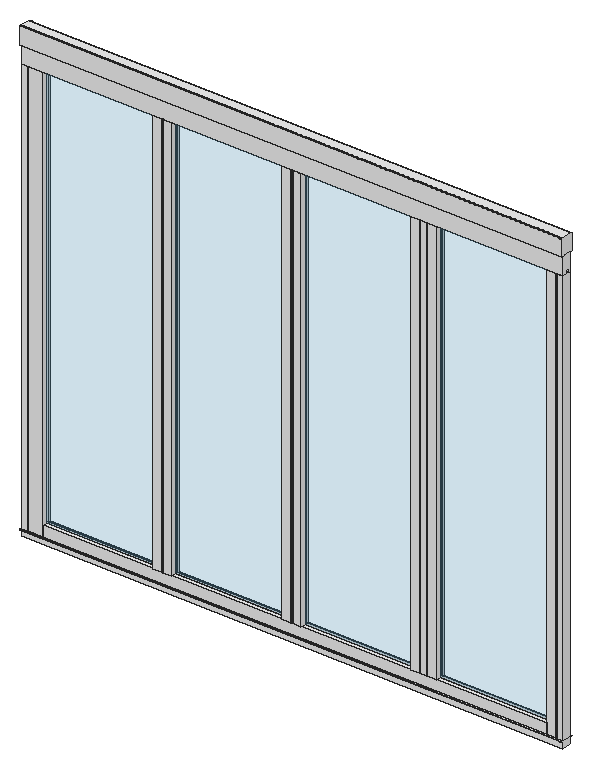
Revit family "98126", category Windows, host Wall, Revit 2018 (continued)
Definition of nested family "Header_HSW60"
  Definition of nested family "Headtop_HSW60"
    Lines and regions (in)
      model lines, in view "Ref. Level"
        curve 184: arc (0.60147, -2.87915, 0) -> (0.60724, -2.8931, 0) -> (0.62119, -2.89887, 0) r 0.01972
        curve 185: arc (0.63747, -3.45072, 0) -> (0.61183, -3.46336, 0) -> (0.60147, -3.49001, 0) r 0.03944
        curve 186: arc (0.60147, -3.56936, 0) -> (0.60724, -3.58331, 0) -> (0.62119, -3.58908, 0) r 0.01972
        curve 187: arc (0.46985, -4.13144, 0) -> (0.44421, -4.14408, 0) -> (0.43385, -4.17073, 0) r 0.03944
        curve 188: arc (1.26209, -4.35817, 0) -> (1.27604, -4.35239, 0) -> (1.28181, -4.33845, 0) r 0.01972
        curve 189: arc (0.84797, -4.27929, 0) -> (0.71979, -4.20041, 0) -> (0.59161, -4.27929, 0) r 0.14359
        curve 190: arc (0.43385, -4.47649, 0) -> (0.4454, -4.50438, 0) -> (0.47329, -4.51593, 0) r 0.03944
        curve 191: line (-1.24237, -0.60799, 0) -> (-1.24237, -0.56005, 0)
        curve 192: line (-1.24237, -0.56005, 0) -> (-1.26209, -0.56005, 0)
        curve 193: line (-1.41789, -0.41135, 0) -> (-1.41986, -0.43385, 0)
        curve 194: line (-1.41986, -0.43385, 0) -> (-1.51057, -0.43385, 0)
        curve 195: line (-1.51057, -0.43385, 0) -> (-1.51057, -0.26622, 0)
        curve 196: line (-1.51057, -0.26622, 0) -> (-1.28181, -0.26622, 0)
        curve 197: line (-1.28181, -0.26622, 0) -> (-1.28181, -0.36285, 0)
        curve 198: line (-1.14984, -0.40676, 0) -> (-1.2359, -0.32341, 0)
        curve 199: line (-1.2359, -0.32341, 0) -> (-1.24237, -0.32341, 0)
        curve 200: line (-1.24237, -0.32341, 0) -> (-1.24237, -0.38257, 0)
        curve 201: line (-1.24237, -0.38257, 0) -> (-1.26209, -0.38257, 0)
        curve 202: line (-1.28181, -0.57977, 0) -> (-1.28181, -0.66063, 0)
        curve 203: line (-1.28181, -0.66063, 0) -> (-1.51057, -0.66063, 0)
        curve 204: line (-1.51057, -0.66063, 0) -> (-1.51057, -0.49301, 0)
        curve 205: line (-1.51057, -0.49301, 0) -> (-1.41986, -0.49301, 0)
        curve 206: line (-1.41986, -0.49301, 0) -> (-1.41789, -0.5155, 0)
        curve 207: line (-1.40443, -0.52037, 0) -> (-1.35624, -0.47176, 0)
        curve 208: line (-1.35624, -0.4551, 0) -> (-1.40443, -0.40649, 0)
        curve 209: line (-1.23846, -0.60592, 0) -> (-1.14984, -0.52009, 0)
        curve 210: line (1.24237, -0.60799, 0) -> (1.24237, -0.56005, 0)
        curve 211: line (1.24237, -0.56005, 0) -> (1.26209, -0.56005, 0)
        curve 212: line (1.41789, -0.41135, 0) -> (1.41986, -0.43385, 0)
        curve 213: line (1.41986, -0.43385, 0) -> (1.51057, -0.43385, 0)
        curve 214: line (1.51057, -0.43385, 0) -> (1.51057, -0.26622, 0)
        curve 215: line (1.51057, -0.26622, 0) -> (1.28181, -0.26622, 0)
        curve 216: line (1.28181, -0.26622, 0) -> (1.28181, -0.36285, 0)
        curve 217: line (1.14984, -0.40676, 0) -> (1.2359, -0.32341, 0)
        curve 218: line (1.2359, -0.32341, 0) -> (1.24237, -0.32341, 0)
        curve 219: line (1.24237, -0.32341, 0) -> (1.24237, -0.38257, 0)
        curve 220: line (1.24237, -0.38257, 0) -> (1.26209, -0.38257, 0)
        curve 221: line (1.28181, -0.57977, 0) -> (1.28181, -0.66063, 0)
        curve 222: line (1.28181, -0.66063, 0) -> (1.51057, -0.66063, 0)
        curve 223: line (1.51057, -0.66063, 0) -> (1.51057, -0.49301, 0)
        curve 224: line (1.51057, -0.49301, 0) -> (1.41986, -0.49301, 0)
        curve 225: line (1.41986, -0.49301, 0) -> (1.41789, -0.5155, 0)
        curve 226: line (1.40443, -0.52037, 0) -> (1.35624, -0.47176, 0)
        curve 227: line (1.35624, -0.4551, 0) -> (1.40443, -0.40649, 0)
        curve 228: line (1.23846, -0.60592, 0) -> (1.14984, -0.52009, 0)
        curve 229: line (1.40445, -4.15004, 0) -> (1.35625, -4.19854, 0)
        curve 230: line (1.35625, -4.21522, 0) -> (1.40445, -4.26371, 0)
        curve 231: line (1.4179, -4.25884, 0) -> (1.41986, -4.23646, 0)
        curve 232: line (1.41986, -4.23646, 0) -> (1.51057, -4.23646, 0)
        curve 233: line (1.51057, -4.23646, 0) -> (1.51057, -4.51254, 0)
        curve 234: line (1.53029, -4.53226, 0) -> (1.5579, -4.53226, 0)
        curve 235: line (1.57762, -4.51254, 0) -> (1.57762, -0.15437, 0)
        curve 236: line (1.5579, -0.13465, 0) -> (1.53029, -0.13465, 0)
        curve 237: line (1.51057, -0.15437, 0) -> (1.51057, -0.43045, 0)
        curve 238: line (1.51057, -0.43045, 0) -> (1.41986, -0.43045, 0)
        curve 239: line (1.41986, -0.43045, 0) -> (1.4179, -0.40807, 0)
        curve 240: line (1.40445, -0.4032, 0) -> (1.35625, -0.45169, 0)
        curve 241: line (1.35625, -0.46838, 0) -> (1.40445, -0.51687, 0)
        curve 242: line (1.4179, -0.51199, 0) -> (1.41986, -0.48961, 0)
        curve 243: line (1.41986, -0.48961, 0) -> (1.51057, -0.48961, 0)
        curve 244: line (1.51057, -0.48961, 0) -> (1.51057, -2.10239, 0)
        curve 245: line (1.51057, -2.10239, 0) -> (1.43447, -2.12278, 0)
        curve 246: line (1.41986, -2.14183, 0) -> (1.41986, -2.17767, 0)
        curve 247: line (1.42979, -2.18529, 0) -> (1.50064, -2.1663, 0)
        curve 248: line (1.51057, -2.17392, 0) -> (1.51057, -2.49299, 0)
        curve 249: line (1.50064, -2.50061, 0) -> (1.42979, -2.48163, 0)
        curve 250: line (1.41986, -2.48925, 0) -> (1.41986, -2.52508, 0)
        curve 251: line (1.43447, -2.54413, 0) -> (1.51057, -2.56452, 0)
        curve 252: line (1.51057, -2.56452, 0) -> (1.51057, -4.1773, 0)
        curve 253: line (1.51057, -4.1773, 0) -> (1.41986, -4.1773, 0)
        curve 254: line (1.41986, -4.1773, 0) -> (1.4179, -4.15492, 0)
        curve 255: line (-1.40445, -4.15004, 0) -> (-1.35625, -4.19854, 0)
        curve 256: line (-1.35625, -4.21522, 0) -> (-1.40445, -4.26371, 0)
        curve 257: line (-1.4179, -4.25884, 0) -> (-1.41986, -4.23646, 0)
        curve 258: line (-1.41986, -4.23646, 0) -> (-1.51057, -4.23646, 0)
        curve 259: line (-1.51057, -4.23646, 0) -> (-1.51057, -4.51254, 0)
        curve 260: line (-1.53029, -4.53226, 0) -> (-1.5579, -4.53226, 0)
        curve 261: line (-1.57762, -4.51254, 0) -> (-1.57762, -0.15437, 0)
        curve 262: line (-1.5579, -0.13465, 0) -> (-1.53029, -0.13465, 0)
        curve 263: line (-1.51057, -0.15437, 0) -> (-1.51057, -0.43045, 0)
        curve 264: line (-1.51057, -0.43045, 0) -> (-1.41986, -0.43045, 0)
        curve 265: line (-1.41986, -0.43045, 0) -> (-1.4179, -0.40807, 0)
        curve 266: line (-1.40445, -0.4032, 0) -> (-1.35625, -0.45169, 0)
        curve 267: line (-1.35625, -0.46838, 0) -> (-1.40445, -0.51687, 0)
        curve 268: line (-1.4179, -0.51199, 0) -> (-1.41986, -0.48961, 0)
        curve 269: line (-1.41986, -0.48961, 0) -> (-1.51057, -0.48961, 0)
        curve 270: line (-1.51057, -0.48961, 0) -> (-1.51057, -2.10239, 0)
        curve 271: line (-1.51057, -2.10239, 0) -> (-1.43447, -2.12278, 0)
        curve 272: line (-1.41986, -2.14183, 0) -> (-1.41986, -2.17767, 0)
        curve 273: line (-1.42979, -2.18529, 0) -> (-1.50064, -2.1663, 0)
        curve 274: line (-1.51057, -2.17392, 0) -> (-1.51057, -2.49299, 0)
        curve 275: line (-1.50064, -2.50061, 0) -> (-1.42979, -2.48163, 0)
        curve 276: line (-1.41986, -2.48925, 0) -> (-1.41986, -2.52508, 0)
        curve 277: line (-1.43447, -2.54413, 0) -> (-1.51057, -2.56452, 0)
        curve 278: line (-1.51057, -2.56452, 0) -> (-1.51057, -4.1773, 0)
        curve 279: line (-1.51057, -4.1773, 0) -> (-1.41986, -4.1773, 0)
        curve 280: line (-1.41986, -4.1773, 0) -> (-1.4179, -4.15492, 0)
        curve 281: line (-0.62513, -4.37, 0) -> (-0.62513, -4.3069, 0)
        curve 282: line (-0.62513, -4.3069, 0) -> (-0.61193, -4.30457, 0)
        curve 283: line (-1.28181, -4.35817, 0) -> (-1.28181, -4.25957, 0)
        curve 284: line (-1.28181, -4.25957, 0) -> (-1.19307, -4.25957, 0)
        curve 285: line (-1.19307, -4.16097, 0) -> (-1.28181, -4.16097, 0)
        curve 286: line (-1.28181, -4.16097, 0) -> (-1.29938, -4.02048, 0)
        curve 287: line (-0.82765, -4.30457, 0) -> (-0.81445, -4.3069, 0)
        curve 288: line (-0.81445, -4.3069, 0) -> (-0.81445, -4.37, 0)
        curve 289: line (-1.31894, -4.00321, 0) -> (-1.5086, -4.00321, 0)
        curve 290: line (-1.5086, -4.00321, 0) -> (-1.5086, -4.05251, 0)
        curve 291: line (-1.5086, -4.05251, 0) -> (-1.48956, -4.16045, 0)
        curve 292: line (-1.47014, -4.17674, 0) -> (-1.42577, -4.17674, 0)
        curve 293: line (-1.42183, -4.15505, 0) -> (-1.42183, -4.1728, 0)
        curve 294: line (-1.34705, -4.19437, 0) -> (-1.40927, -4.14869, 0)
        curve 295: line (-1.40927, -4.27184, 0) -> (-1.34705, -4.22617, 0)
        curve 296: line (-1.42183, -4.24774, 0) -> (-1.42183, -4.26549, 0)
        curve 297: line (-1.47014, -4.24379, 0) -> (-1.42577, -4.24379, 0)
        curve 298: line (-1.5086, -4.51593, 0) -> (-1.5086, -4.36803, 0)
        curve 299: line (-1.5086, -4.36803, 0) -> (-1.48956, -4.26009, 0)
        curve 300: line (-1.48888, -4.53565, 0) -> (-1.18321, -4.53565, 0)
        curve 301: line (-1.00573, -4.49621, 0) -> (-0.94657, -4.49621, 0)
        curve 302: line (-0.94657, -4.49621, 0) -> (-0.94657, -4.44494, 0)
        curve 303: line (-0.94657, -4.44494, 0) -> (-1.24237, -4.44494, 0)
        curve 304: line (-1.24237, -4.44494, 0) -> (-1.24237, -4.49621, 0)
        curve 305: line (-1.24237, -4.49621, 0) -> (-1.18321, -4.49621, 0)
        curve 306: line (-1.00573, -4.53565, 0) -> (-0.80793, -4.53565, 0)
        curve 307: line (-0.63105, -4.49621, 0) -> (-0.57189, -4.49621, 0)
        curve 308: line (-0.57189, -4.49621, 0) -> (-0.57189, -4.44494, 0)
        curve 309: line (-0.57189, -4.44494, 0) -> (-0.86769, -4.44494, 0)
        curve 310: line (-0.86769, -4.44494, 0) -> (-0.86769, -4.49621, 0)
        curve 311: line (-0.86769, -4.49621, 0) -> (-0.80853, -4.49621, 0)
        curve 312: line (-0.63105, -4.53565, 0) -> (-0.53047, -4.53565, 0)
        curve 313: line (-0.51075, -4.51593, 0) -> (-0.51075, -4.37789, 0)
        curve 314: line (-0.53047, -4.35817, 0) -> (-0.54625, -4.35817, 0)
        curve 315: line (-0.54625, -4.35817, 0) -> (-0.6151, -4.37759, 0)
        curve 316: line (-0.60892, -4.29024, 0) -> (-0.70883, -4.22345, 0)
        curve 317: line (-0.73075, -4.22345, 0) -> (-0.83066, -4.29024, 0)
        curve 318: line (-0.94488, -4.38606, 0) -> (-0.91699, -4.35817, 0)
        curve 319: line (-0.91699, -4.35817, 0) -> (-0.89333, -4.35817, 0)
        curve 320: line (-0.89333, -4.35817, 0) -> (-0.82448, -4.37759, 0)
        curve 321: line (-0.97277, -4.39761, 0) -> (-1.24237, -4.39761, 0)
        curve 322: line (-1.42972, -4.47649, 0) -> (-1.3607, -4.47649, 0)
        curve 323: line (-1.44944, -4.41733, 0) -> (-1.44944, -4.45677, 0)
        curve 324: line (-1.3607, -4.39761, 0) -> (-1.42972, -4.39761, 0)
        curve 325: line (-1.34098, -4.45677, 0) -> (-1.34098, -4.41733, 0)
        curve 326: line (-0.77501, -4.35817, 0) -> (-0.66457, -4.35817, 0)
        curve 327: line (-0.72417, -4.25701, 0) -> (-0.78289, -4.29627, 0)
        curve 328: line (-0.78289, -4.29627, 0) -> (-0.78289, -4.35028, 0)
        curve 329: line (-0.65668, -4.35028, 0) -> (-0.65668, -4.29627, 0)
        curve 330: line (-0.65668, -4.29627, 0) -> (-0.7154, -4.25701, 0)
        curve 331: line (0.62513, -4.37, 0) -> (0.62513, -4.3069, 0)
        curve 332: line (0.62513, -4.3069, 0) -> (0.61193, -4.30457, 0)
        curve 333: line (1.28181, -4.35817, 0) -> (1.28181, -4.25957, 0)
        curve 334: line (1.28181, -4.25957, 0) -> (1.19307, -4.25957, 0)
        curve 335: line (1.19307, -4.16097, 0) -> (1.28181, -4.16097, 0)
        curve 336: line (1.28181, -4.16097, 0) -> (1.29938, -4.02048, 0)
        curve 337: line (0.82765, -4.30457, 0) -> (0.81445, -4.3069, 0)
        curve 338: line (0.81445, -4.3069, 0) -> (0.81445, -4.37, 0)
        curve 339: line (1.31894, -4.00321, 0) -> (1.5086, -4.00321, 0)
        curve 340: line (1.5086, -4.00321, 0) -> (1.5086, -4.05251, 0)
        curve 341: line (1.5086, -4.05251, 0) -> (1.48956, -4.16045, 0)
        curve 342: line (1.47014, -4.17674, 0) -> (1.42577, -4.17674, 0)
        curve 343: line (1.42183, -4.15505, 0) -> (1.42183, -4.1728, 0)
        curve 344: line (1.34705, -4.19437, 0) -> (1.40927, -4.14869, 0)
        curve 345: line (1.40927, -4.27184, 0) -> (1.34705, -4.22617, 0)
        curve 346: line (1.42183, -4.24774, 0) -> (1.42183, -4.26549, 0)
        curve 347: line (1.47014, -4.24379, 0) -> (1.42577, -4.24379, 0)
        curve 348: line (1.5086, -4.51593, 0) -> (1.5086, -4.36803, 0)
        curve 349: line (1.5086, -4.36803, 0) -> (1.48956, -4.26009, 0)
        curve 350: line (1.48888, -4.53565, 0) -> (1.18321, -4.53565, 0)
        curve 351: line (1.00573, -4.49621, 0) -> (0.94657, -4.49621, 0)
        curve 352: line (0.94657, -4.49621, 0) -> (0.94657, -4.44494, 0)
        curve 353: line (0.94657, -4.44494, 0) -> (1.24237, -4.44494, 0)
        curve 354: line (1.24237, -4.44494, 0) -> (1.24237, -4.49621, 0)
        curve 355: line (1.24237, -4.49621, 0) -> (1.18321, -4.49621, 0)
        curve 356: line (1.00573, -4.53565, 0) -> (0.80789, -4.53565, 0)
        curve 357: line (0.63105, -4.49621, 0) -> (0.57189, -4.49621, 0)
        curve 358: line (0.57189, -4.49621, 0) -> (0.57189, -4.44494, 0)
        curve 359: line (0.57189, -4.44494, 0) -> (0.86769, -4.44494, 0)
        curve 360: line (0.86769, -4.44494, 0) -> (0.86769, -4.49621, 0)
        curve 361: line (0.86769, -4.49621, 0) -> (0.80853, -4.49621, 0)
        curve 362: line (0.6311, -4.53565, 0) -> (0.53047, -4.53565, 0)
        curve 363: line (0.51075, -4.51593, 0) -> (0.51075, -4.37789, 0)
        curve 364: line (0.53047, -4.35817, 0) -> (0.54625, -4.35817, 0)
        curve 365: line (0.54625, -4.35817, 0) -> (0.6151, -4.37759, 0)
        curve 366: line (0.60892, -4.29024, 0) -> (0.70883, -4.22345, 0)
        curve 367: line (0.73075, -4.22345, 0) -> (0.83066, -4.29024, 0)
        curve 368: line (0.94488, -4.38606, 0) -> (0.91699, -4.35817, 0)
        curve 369: line (0.91699, -4.35817, 0) -> (0.89333, -4.35817, 0)
        curve 370: line (0.89333, -4.35817, 0) -> (0.82448, -4.37759, 0)
        curve 371: line (0.97277, -4.39761, 0) -> (1.24237, -4.39761, 0)
        curve 372: line (1.42972, -4.47649, 0) -> (1.3607, -4.47649, 0)
        curve 373: line (1.44944, -4.41733, 0) -> (1.44944, -4.45677, 0)
        curve 374: line (1.3607, -4.39761, 0) -> (1.42972, -4.39761, 0)
        curve 375: line (1.34098, -4.45677, 0) -> (1.34098, -4.41733, 0)
        curve 376: line (0.77501, -4.35817, 0) -> (0.66457, -4.35817, 0)
        curve 377: line (0.72417, -4.25701, 0) -> (0.78289, -4.29627, 0)
        curve 378: line (0.78289, -4.29627, 0) -> (0.78289, -4.35028, 0)
        curve 379: line (0.65668, -4.35028, 0) -> (0.65668, -4.29627, 0)
        curve 380: line (0.65668, -4.29627, 0) -> (0.7154, -4.25701, 0)
        curve 381: line (-1.41986, -2.23486, 0) -> (-1.33309, -2.23486, 0)
        curve 382: line (-1.33309, -2.23486, 0) -> (-1.33309, -2.43206, 0)
        curve 383: line (-1.33309, -2.43206, 0) -> (-1.41986, -2.43206, 0)
        curve 384: line (-1.41986, -2.13625, 0) -> (-1.41986, -2.18879, 0)
        curve 385: line (-1.41986, -2.18879, 0) -> (-1.49085, -2.16976, 0)
        curve 386: line (-1.49085, -2.16976, 0) -> (-1.49085, -2.49715, 0)
        curve 387: line (-1.49085, -2.49715, 0) -> (-1.41986, -2.47813, 0)
        curve 388: line (-1.41986, -2.47813, 0) -> (-1.41986, -2.53066, 0)
        curve 389: line (-1.41986, -2.53066, 0) -> (-1.29365, -2.48472, 0)
        curve 390: line (-1.29365, -2.48472, 0) -> (-1.29365, -2.18219, 0)
        curve 391: line (-1.29365, -2.18219, 0) -> (-1.41986, -2.13625, 0)
        curve 392: line (-1.43958, -2.41234, 0) -> (-1.43958, -2.25458, 0)
        curve 393: line (1.41986, -2.23486, 0) -> (1.33309, -2.23486, 0)
        curve 394: line (1.33309, -2.23486, 0) -> (1.33309, -2.43206, 0)
        curve 395: line (1.33309, -2.43206, 0) -> (1.41986, -2.43206, 0)
        curve 396: line (1.41986, -2.13625, 0) -> (1.41986, -2.18879, 0)
        curve 397: line (1.41986, -2.18879, 0) -> (1.49085, -2.16976, 0)
        curve 398: line (1.49085, -2.16976, 0) -> (1.49085, -2.49715, 0)
        curve 399: line (1.49085, -2.49715, 0) -> (1.41986, -2.47813, 0)
        curve 400: line (1.41986, -2.47813, 0) -> (1.41986, -2.53066, 0)
        curve 401: line (1.41986, -2.53066, 0) -> (1.29365, -2.48472, 0)
        curve 402: line (1.29365, -2.48472, 0) -> (1.29365, -2.18219, 0)
        curve 403: line (1.29365, -2.18219, 0) -> (1.41986, -2.13625, 0)
        curve 404: line (1.43958, -2.41234, 0) -> (1.43958, -2.25458, 0)
        curve 405: line (-0.70243, -4.49621, 0) -> (-0.68728, -4.93006, 0)
        curve 406: line (-0.66773, -4.49621, 0) -> (-0.65257, -4.93006, 0)
        curve 407: line (-0.63302, -4.49621, 0) -> (-0.61787, -4.93006, 0)
        curve 408: line (-0.71979, -4.49621, 0) -> (-0.71979, -4.93006, 0)
        curve 409: line (-0.80656, -4.49621, 0) -> (-0.82171, -4.93006, 0)
        curve 410: line (-0.77185, -4.49621, 0) -> (-0.787, -4.93006, 0)
        curve 411: line (-0.73714, -4.49621, 0) -> (-0.75229, -4.93006, 0)
        curve 412: line (-0.86769, -4.44494, 0) -> (-0.86769, -4.49621, 0)
        curve 413: line (-0.86769, -4.49621, 0) -> (-0.57189, -4.49621, 0)
        curve 414: line (-0.57189, -4.49621, 0) -> (-0.57189, -4.44494, 0)
        curve 415: line (-0.57189, -4.44494, 0) -> (-0.86769, -4.44494, 0)
        curve 416: line (0.70167, -4.48949, 0) -> (0.69068, -4.92346, 0)
        curve 417: line (0.66696, -4.48982, 0) -> (0.65597, -4.92379, 0)
        curve 418: line (0.63226, -4.49015, 0) -> (0.62126, -4.92412, 0)
        curve 419: line (0.71902, -4.48932, 0) -> (0.72318, -4.92315, 0)
        curve 420: line (0.80579, -4.48849, 0) -> (0.82509, -4.92217, 0)
        curve 421: line (0.77108, -4.48882, 0) -> (0.79039, -4.9225, 0)
        curve 422: line (0.73637, -4.48915, 0) -> (0.75568, -4.92283, 0)
        curve 423: line (0.86643, -4.43663, 0) -> (0.86692, -4.4879, 0)
        curve 424: line (0.86692, -4.4879, 0) -> (0.57113, -4.49074, 0)
        curve 425: line (0.57113, -4.49074, 0) -> (0.57064, -4.43947, 0)
        curve 426: line (0.57064, -4.43947, 0) -> (0.86643, -4.43663, 0)
        curve 427: line (-0.19424, -2.08695, 0) -> (-0.19424, -1.49535, 0)
        curve 428: line (-0.19424, -1.49535, 0) -> (-0.19424, -2.08695, 0)
        curve 429: line (0.19424, -2.08695, 0) -> (0.19424, -1.49535, 0)
        curve 430: line (0.19424, -1.49535, 0) -> (0.19424, -2.08695, 0)
        curve 431: line (0.19326, -1.49535, 0) -> (0.12364, -1.49535, 0)
        curve 432: line (0.11832, -1.49535, 0) -> (-0.11832, -1.49535, 0)
        curve 433: line (-0.12357, -1.49535, 0) -> (-0.19326, -1.49535, 0)
        curve 434: line (-0.1972, -1.49535, 0) -> (-0.23664, -1.53479, 0)
        curve 435: line (-0.23664, -1.53479, 0) -> (-0.1972, -1.49535, 0)
        curve 436: line (0.23664, -2.08695, 0) -> (0.23664, -1.53479, 0)
        curve 437: line (0.23664, -1.53479, 0) -> (0.1972, -1.49535, 0)
        curve 438: line (0.1972, -1.49535, 0) -> (0.23664, -1.53479, 0)
        curve 439: line (0.23664, -1.53479, 0) -> (0.23664, -2.08695, 0)
        curve 440: line (-0.31552, -4.88723, 0) -> (-0.31552, -4.53226, 0)
        curve 441: line (-0.31552, -4.53226, 0) -> (-0.31552, -3.9801, 0)
        curve 442: line (-0.31552, -3.9801, 0) -> (-0.31552, -4.53226, 0)
        curve 443: line (-0.31552, -4.53226, 0) -> (-0.31552, -4.88723, 0)
        curve 444: line (0.31552, -4.88723, 0) -> (0.31552, -4.53226, 0)
        curve 445: line (0.31552, -4.53226, 0) -> (0.31552, -3.9801, 0)
        curve 446: line (0.31552, -3.9801, 0) -> (0.31552, -4.53226, 0)
        curve 447: line (0.31552, -4.53226, 0) -> (0.31552, -4.88723, 0)
        curve 448: line (-0.23664, -2.08695, 0) -> (-0.23664, -1.53479, 0)
        curve 449: line (-0.23664, -1.53479, 0) -> (-0.23664, -2.08695, 0)
        curve 450: line (-0.23664, -1.53479, 0) -> (0.23664, -1.53479, 0)
        curve 451: line (-0.19326, -1.49535, 0) -> (-0.19326, -1.33758, 0)
        curve 452: line (-0.19326, -1.33758, 0) -> (-0.19326, -1.49535, 0)
        curve 453: line (0.19326, -1.49535, 0) -> (0.19326, -1.33758, 0)
        curve 454: line (0.19326, -1.33758, 0) -> (0.19326, -1.49535, 0)
        curve 455: line (-0.37468, -1.32575, 0) -> (-0.37468, -1.11277, 0)
        curve 456: line (-0.37468, -1.11277, 0) -> (-0.37468, -1.32575, 0)
        curve 457: line (-0.37468, -1.32575, 0) -> (0.37468, -1.32575, 0)
        curve 458: line (0.37468, -1.32575, 0) -> (0.37468, -1.11277, 0)
        curve 459: line (0.37468, -1.11277, 0) -> (0.37468, -1.32575, 0)
        curve 460: line (-0.36285, -1.10094, 0) -> (-0.32854, -1.10094, 0)
        curve 461: line (-0.32854, -1.10094, 0) -> (-0.19326, -1.10094, 0)
        curve 462: line (-0.19326, -1.10094, 0) -> (-0.16959, -1.10094, 0)
        curve 463: line (-0.16959, -1.10094, 0) -> (0.16959, -1.10094, 0)
        curve 464: line (0.16959, -1.10094, 0) -> (0.19326, -1.10094, 0)
        curve 465: line (0.19326, -1.10094, 0) -> (0.32854, -1.10094, 0)
        curve 466: line (0.32854, -1.10094, 0) -> (0.36285, -1.10094, 0)
        curve 467: line (0.36285, -1.10094, 0) -> (0.32854, -1.10094, 0)
        curve 468: line (0.32854, -1.10094, 0) -> (0.19326, -1.10094, 0)
        curve 469: line (0.19326, -1.10094, 0) -> (0.16959, -1.10094, 0)
        curve 470: line (0.16959, -1.10094, 0) -> (-0.16959, -1.10094, 0)
        curve 471: line (-0.16959, -1.10094, 0) -> (-0.19326, -1.10094, 0)
        curve 472: line (-0.19326, -1.10094, 0) -> (-0.32854, -1.10094, 0)
        curve 473: line (-0.32854, -1.10094, 0) -> (-0.36285, -1.10094, 0)
        curve 474: line (0.36285, -1.33758, 0) -> (0.32854, -1.33758, 0)
        curve 475: line (0.32854, -1.33758, 0) -> (0.19326, -1.33758, 0)
        curve 476: line (0.19326, -1.33758, 0) -> (0.16959, -1.33758, 0)
        curve 477: line (0.16959, -1.33758, 0) -> (-0.16959, -1.33758, 0)
        curve 478: line (-0.16959, -1.33758, 0) -> (-0.19326, -1.33758, 0)
        curve 479: line (-0.19326, -1.33758, 0) -> (-0.32854, -1.33758, 0)
        curve 480: line (-0.32854, -1.33758, 0) -> (-0.36285, -1.33758, 0)
        curve 481: line (0.37468, -1.11277, 0) -> (-0.37468, -1.11277, 0)
        curve 482: line (-0.16762, -1.09897, 0) -> (-0.21692, -1.04967, 0)
        curve 483: line (-0.21692, -1.04967, 0) -> (-0.12029, -1.04967, 0)
        curve 484: line (-0.12029, -1.04967, 0) -> (-0.1122, -1.04967, 0)
        curve 485: line (-0.1122, -1.04967, 0) -> (0, -1.04967, 0)
        curve 486: line (0, -1.04967, 0) -> (0.1122, -1.04967, 0)
        curve 487: line (0.1122, -1.04967, 0) -> (0.12029, -1.04967, 0)
        curve 488: line (0.12029, -1.04967, 0) -> (0.21692, -1.04967, 0)
        curve 489: line (0.21692, -1.04967, 0) -> (0.16762, -1.09897, 0)
        curve 490: line (0.27272, -2.08695, 0) -> (0.27272, -2.225, 0)
        curve 491: line (0.27272, -2.225, 0) -> (-0.27272, -2.225, 0)
        curve 492: line (-0.27272, -2.225, 0) -> (-0.27272, -2.08695, 0)
        curve 493: line (0.46343, -2.08695, 0) -> (0.46343, -2.28416, 0)
        curve 494: line (0.46343, -2.28416, 0) -> (0.46343, -2.08695, 0)
        curve 495: line (0.46343, -2.08695, 0) -> (0.27272, -2.08695, 0)
        curve 496: line (0.27272, -2.08695, 0) -> (-0.27272, -2.08695, 0)
        curve 497: line (-0.27272, -2.08695, 0) -> (-0.46343, -2.08695, 0)
        curve 498: line (-0.46343, -2.08695, 0) -> (-0.46343, -2.28416, 0)
        curve 499: line (-0.46343, -2.28416, 0) -> (-0.46343, -2.08695, 0)
        curve 500: line (-0.29294, -3.66457, 0) -> (-0.41818, -3.44765, 0)
        curve 501: line (-0.41818, -3.44765, 0) -> (-0.29294, -3.66457, 0)
        curve 502: line (0.29294, -3.66457, 0) -> (0.41818, -3.44765, 0)
        curve 503: line (0.41818, -3.44765, 0) -> (0.29294, -3.66457, 0)
        curve 504: line (-0.46343, -2.97436, 0) -> (-0.46343, -2.75744, 0)
        curve 505: line (-0.46343, -2.75744, 0) -> (-0.46343, -2.97436, 0)
        curve 506: line (0.46343, -2.97436, 0) -> (0.46343, -2.75744, 0)
        curve 507: line (0.46343, -2.75744, 0) -> (0.46343, -2.97436, 0)
        curve 508: line (-0.69749, -3.66457, 0) -> (-0.49301, -3.66457, 0)
        curve 509: line (-0.48808, -3.66457, 0) -> (-0.44568, -3.66457, 0)
        curve 510: line (-0.44568, -3.66457, 0) -> (-0.42398, -3.66457, 0)
        curve 511: line (-0.42398, -3.66457, 0) -> (0.42398, -3.66457, 0)
        curve 512: line (0.42398, -3.66457, 0) -> (0.44568, -3.66457, 0)
        curve 513: line (0.44792, -3.66457, 0) -> (0.48799, -3.66457, 0)
        curve 514: line (0.49301, -3.66457, 0) -> (0.69749, -3.66457, 0)
        curve 515: line (-0.69749, -3.9801, 0) -> (-0.37468, -3.9801, 0)
        curve 516: line (-0.37468, -3.9801, 0) -> (0.37468, -3.9801, 0)
        curve 517: line (0.37468, -3.9801, 0) -> (0.69749, -3.9801, 0)
        curve 518: line (-0.77255, -3.92549, 0) -> (0.77255, -3.92549, 0)
        curve 519: line (-0.77255, -3.71918, 0) -> (0.77255, -3.71918, 0)
        curve 520: line (-0.96629, -2.28416, 0) -> (-0.98601, -2.30388, 0)
        curve 521: line (-0.98601, -2.30388, 0) -> (-0.98601, -2.69298, 0)
        curve 522: line (-0.98601, -2.69298, 0) -> (-0.94657, -2.73242, 0)
        curve 523: line (-0.94657, -2.73242, 0) -> (-0.66063, -2.75744, 0)
        curve 524: line (0.98601, -2.30388, 0) -> (0.98601, -2.69298, 0)
        curve 525: line (0.98601, -2.69298, 0) -> (0.94914, -2.72985, 0)
        curve 526: line (0.94914, -2.72985, 0) -> (0.98601, -2.69298, 0)
        curve 527: line (0.98601, -2.69298, 0) -> (0.98601, -2.30388, 0)
        curve 528: line (0.98601, -2.30388, 0) -> (0.96629, -2.28416, 0)
        curve 529: line (0.96629, -2.28416, 0) -> (0.98601, -2.30388, 0)
        curve 530: line (0.98601, -2.30388, 0) -> (-0.98601, -2.30388, 0)
        curve 531: line (-0.98601, -2.30388, 0) -> (-0.98601, -2.69298, 0)
        curve 532: line (-0.98601, -2.69298, 0) -> (-0.94657, -2.73242, 0)
        curve 533: line (-0.94657, -2.73242, 0) -> (-0.66063, -2.75744, 0)
        curve 534: line (-0.66063, -2.75744, 0) -> (0.63613, -2.75744, 0)
        curve 535: line (0.96629, -2.28416, 0) -> (0.78881, -2.28416, 0)
        curve 536: line (0.78881, -2.28416, 0) -> (0.46343, -2.28416, 0)
        curve 537: line (0.46343, -2.28416, 0) -> (-0.46343, -2.28416, 0)
        curve 538: line (-0.46343, -2.28416, 0) -> (-0.78881, -2.28416, 0)
        curve 539: line (-0.78881, -2.28416, 0) -> (-0.96629, -2.28416, 0)
        curve 540: line (-0.96629, -2.28416, 0) -> (-0.98601, -2.30388, 0)
        curve 541: line (0.98601, -2.69298, 0) -> (-0.98601, -2.69298, 0)
        curve 542: line (0.91975, -2.73242, 0) -> (-0.94657, -2.73242, 0)
        curve 543: line (0.98601, -2.99408, 0) -> (0.96629, -2.97436, 0)
        curve 544: line (0.96629, -2.97436, 0) -> (0.98601, -2.99408, 0)
        curve 545: line (0.98601, -2.99408, 0) -> (0.98601, -3.38319, 0)
        curve 546: line (0.98601, -3.38319, 0) -> (0.94657, -3.42263, 0)
        curve 547: line (0.94657, -3.42263, 0) -> (0.66063, -3.44765, 0)
        curve 548: line (-0.98601, -2.99408, 0) -> (0.98601, -2.99408, 0)
        curve 549: line (0.98601, -2.99408, 0) -> (0.98601, -3.38319, 0)
        curve 550: line (0.98601, -3.38319, 0) -> (0.94657, -3.42263, 0)
        curve 551: line (0.94657, -3.42263, 0) -> (0.66063, -3.44765, 0)
        curve 552: line (0.66063, -3.44765, 0) -> (0.46343, -3.44765, 0)
        curve 553: line (0.46343, -3.44765, 0) -> (0.41818, -3.44765, 0)
        curve 554: line (0.41818, -3.44765, 0) -> (-0.41818, -3.44765, 0)
        curve 555: line (-0.41818, -3.44765, 0) -> (-0.46343, -3.44765, 0)
        curve 556: line (-0.46343, -3.44765, 0) -> (-0.63613, -3.44765, 0)
        curve 557: line (0.96629, -2.97436, 0) -> (0.78881, -2.97436, 0)
        curve 558: line (0.78881, -2.97436, 0) -> (0.46343, -2.97436, 0)
        curve 559: line (0.46343, -2.97436, 0) -> (-0.46343, -2.97436, 0)
        curve 560: line (-0.46343, -2.97436, 0) -> (-0.78881, -2.97436, 0)
        curve 561: line (-0.78881, -2.97436, 0) -> (-0.96629, -2.97436, 0)
        curve 562: line (-0.96629, -2.97436, 0) -> (-0.98601, -2.99408, 0)
        curve 563: line (-0.98601, -2.99408, 0) -> (-0.98601, -3.38319, 0)
        curve 564: line (-0.98601, -3.38319, 0) -> (-0.94914, -3.42006, 0)
        curve 565: line (-0.94914, -3.42006, 0) -> (-0.98601, -3.38319, 0)
        curve 566: line (-0.98601, -3.38319, 0) -> (-0.98601, -2.99408, 0)
        curve 567: line (-0.98601, -2.99408, 0) -> (-0.96629, -2.97436, 0)
        curve 568: line (0.98601, -3.38319, 0) -> (-0.98601, -3.38319, 0)
        curve 569: line (0.94657, -3.42263, 0) -> (-0.91975, -3.42263, 0)
        curve 570: line (1.22467, -0.43252, 0) -> (1.1813, -0.43742, 0)
        curve 571: line (1.1813, -0.43742, 0) -> (1.1517, -0.45059, 0)
        curve 572: line (1.1517, -0.45059, 0) -> (1.14526, -0.46782, 0)
        curve 573: line (1.14526, -0.46782, 0) -> (1.16404, -0.48367, 0)
        curve 574: line (1.16404, -0.48367, 0) -> (1.20207, -0.49308, 0)
        curve 575: line (1.20207, -0.49308, 0) -> (1.24727, -0.49308, 0)
        curve 576: line (1.24727, -0.49308, 0) -> (1.28529, -0.48367, 0)
        curve 577: line (1.28529, -0.48367, 0) -> (1.30407, -0.46782, 0)
        curve 578: line (1.30407, -0.46782, 0) -> (1.29764, -0.45059, 0)
        curve 579: line (1.29764, -0.45059, 0) -> (1.26804, -0.43742, 0)
        curve 580: line (1.26804, -0.43742, 0) -> (1.22467, -0.43252, 0)
        curve 581: line (-1.22467, -0.43252, 0) -> (-1.1813, -0.43742, 0)
        curve 582: line (-1.1813, -0.43742, 0) -> (-1.1517, -0.45059, 0)
        curve 583: line (-1.1517, -0.45059, 0) -> (-1.14526, -0.46782, 0)
        curve 584: line (-1.14526, -0.46782, 0) -> (-1.16404, -0.48367, 0)
        curve 585: line (-1.16404, -0.48367, 0) -> (-1.20207, -0.49308, 0)
        curve 586: line (-1.20207, -0.49308, 0) -> (-1.24727, -0.49308, 0)
        curve 587: line (-1.24727, -0.49308, 0) -> (-1.28529, -0.48367, 0)
        curve 588: line (-1.28529, -0.48367, 0) -> (-1.30407, -0.46782, 0)
        curve 589: line (-1.30407, -0.46782, 0) -> (-1.29764, -0.45059, 0)
        curve 590: line (-1.29764, -0.45059, 0) -> (-1.26804, -0.43742, 0)
        curve 591: line (-1.26804, -0.43742, 0) -> (-1.22467, -0.43252, 0)
        curve 592: line (1.28181, -4.33845, 0) -> (1.28181, -4.28126, 0)
        curve 593: line (1.28181, -4.28126, 0) -> (1.26209, -4.26154, 0)
        curve 594: line (1.25657, -4.26154, 0) -> (1.24632, -4.27929, 0)
        curve 595: line (1.24632, -4.27929, 0) -> (1.23607, -4.26154, 0)
        curve 596: line (1.23607, -4.26154, 0) -> (1.20648, -4.26154, 0)
        curve 597: line (1.20648, -4.26154, 0) -> (1.19623, -4.27929, 0)
        curve 598: line (1.19623, -4.27929, 0) -> (1.18598, -4.26154, 0)
        curve 599: line (1.18598, -4.26154, 0) -> (1.15639, -4.26154, 0)
        curve 600: line (1.15639, -4.26154, 0) -> (1.14614, -4.27929, 0)
        curve 601: line (1.14614, -4.27929, 0) -> (1.13589, -4.26154, 0)
        curve 602: line (1.13589, -4.26154, 0) -> (1.1063, -4.26154, 0)
        curve 603: line (1.1063, -4.26154, 0) -> (1.09605, -4.27929, 0)
        curve 604: line (1.09605, -4.27929, 0) -> (1.0858, -4.26154, 0)
        curve 605: line (1.0858, -4.26154, 0) -> (1.05621, -4.26154, 0)
        curve 606: line (1.05621, -4.26154, 0) -> (1.04596, -4.27929, 0)
        curve 607: line (1.04596, -4.27929, 0) -> (1.03571, -4.26154, 0)
        curve 608: line (1.03571, -4.26154, 0) -> (1.00573, -4.26154, 0)
        curve 609: line (1.08491, -4.159, 0) -> (1.11085, -4.159, 0)
        curve 610: line (1.11085, -4.159, 0) -> (1.1211, -4.14125, 0)
        curve 611: line (1.1211, -4.14125, 0) -> (1.13134, -4.159, 0)
        curve 612: line (1.13134, -4.159, 0) -> (1.16094, -4.159, 0)
        curve 613: line (1.16094, -4.159, 0) -> (1.17118, -4.14125, 0)
        curve 614: line (1.17118, -4.14125, 0) -> (1.18143, -4.159, 0)
        curve 615: line (1.18143, -4.159, 0) -> (1.21103, -4.159, 0)
        curve 616: line (1.21103, -4.159, 0) -> (1.22127, -4.14125, 0)
        curve 617: line (1.22127, -4.14125, 0) -> (1.23152, -4.159, 0)
        curve 618: line (1.23152, -4.159, 0) -> (1.26209, -4.159, 0)
        curve 619: line (1.26209, -4.159, 0) -> (1.28181, -4.13928, 0)
        curve 620: line (1.28181, -4.13928, 0) -> (1.28181, -3.98948, 0)
        curve 621: line (1.28181, -3.98948, 0) -> (1.22265, -3.97363, 0)
        curve 622: line (1.22265, -3.97363, 0) -> (1.22265, -4.02884, 0)
        curve 623: line (1.22265, -4.02884, 0) -> (0.96629, -4.02884, 0)
        curve 624: line (0.96629, -4.02884, 0) -> (0.96629, -3.84622, 0)
        curve 625: line (0.96629, -3.84622, 0) -> (0.95446, -3.82572, 0)
        curve 626: line (0.95446, -3.82572, 0) -> (0.96629, -3.80523, 0)
        curve 627: line (0.96629, -3.80523, 0) -> (0.96629, -3.62261, 0)
        curve 628: line (0.96629, -3.62261, 0) -> (1.22265, -3.62261, 0)
        curve 629: line (1.22265, -3.62261, 0) -> (1.22265, -3.67782, 0)
        curve 630: line (1.22265, -3.67782, 0) -> (1.28181, -3.66197, 0)
        curve 631: line (1.28181, -3.66197, 0) -> (1.28181, -3.19545, 0)
        curve 632: line (1.28181, -3.19545, 0) -> (1.26998, -3.17496, 0)
        curve 633: line (1.26998, -3.17496, 0) -> (1.28181, -3.15446, 0)
        curve 634: line (1.28181, -3.15446, 0) -> (1.28181, -2.50524, 0)
        curve 635: line (1.28181, -2.50524, 0) -> (1.26998, -2.48475, 0)
        curve 636: line (1.26998, -2.48475, 0) -> (1.28181, -2.46426, 0)
        curve 637: line (1.28181, -2.46426, 0) -> (1.28181, -1.81503, 0)
        curve 638: line (1.28181, -1.81503, 0) -> (1.26998, -1.79454, 0)
        curve 639: line (1.26998, -1.79454, 0) -> (1.28181, -1.77405, 0)
        curve 640: line (1.28181, -1.77405, 0) -> (1.28181, -1.06102, 0)
        curve 641: line (1.28181, -1.06102, 0) -> (1.22265, -1.04517, 0)
        curve 642: line (1.22265, -1.04517, 0) -> (1.22265, -1.10039, 0)
        curve 643: line (1.22265, -1.10039, 0) -> (0.96629, -1.10039, 0)
        curve 644: line (0.96629, -1.10039, 0) -> (0.96629, -0.91776, 0)
        curve 645: line (0.96629, -0.91776, 0) -> (0.95446, -0.89727, 0)
        curve 646: line (0.95446, -0.89727, 0) -> (0.96629, -0.87678, 0)
        curve 647: line (0.96629, -0.87678, 0) -> (0.96629, -0.69415, 0)
        curve 648: line (0.96629, -0.69415, 0) -> (1.22265, -0.69415, 0)
        curve 649: line (1.22265, -0.69415, 0) -> (1.22265, -0.74937, 0)
        curve 650: line (1.22265, -0.74937, 0) -> (1.28181, -0.73352, 0)
        curve 651: line (1.28181, -0.73352, 0) -> (1.28181, -0.56273, 0)
        curve 652: line (1.28181, -0.56273, 0) -> (1.24237, -0.55217, 0)
        curve 653: line (1.24237, -0.55217, 0) -> (1.24237, -0.59161, 0)
        curve 654: line (1.24237, -0.59161, 0) -> (1.02545, -0.59161, 0)
        curve 655: line (1.00573, -0.35496, 0) -> (1.00573, -0.57189, 0)
        curve 656: line (1.20293, -0.21692, 0) -> (1.20293, -0.05916, 0)
        curve 657: line (1.20293, -0.05916, 0) -> (1.18321, -0.05916, 0)
        curve 658: line (1.18321, -0.05916, 0) -> (1.19907, 0, 0)
        curve 659: line (1.19907, 0, 0) -> (1.28181, 0, 0)
        curve 660: line (1.28181, 0, 0) -> (1.28181, -0.36412, 0)
        curve 661: line (1.28181, -0.36412, 0) -> (1.24237, -0.37468, 0)
        curve 662: line (1.24237, -0.37468, 0) -> (1.24237, -0.33524, 0)
        curve 663: line (1.24237, -0.33524, 0) -> (1.02545, -0.33524, 0)
        curve 664: line (1.02545, -0.23664, 0) -> (1.18321, -0.23664, 0)
        curve 665: line (0.83403, -0.41432, 0) -> (0.8598, -0.38854, 0)
        curve 666: line (0.8598, -0.38854, 0) -> (0.8598, -0.33707, 0)
        curve 667: line (0.8598, -0.33707, 0) -> (0.88347, -0.32341, 0)
        curve 668: line (0.88347, -0.32341, 0) -> (0.8598, -0.30975, 0)
        curve 669: line (0.8598, -0.30975, 0) -> (0.8598, -0.27397, 0)
        curve 670: line (0.8598, -0.27397, 0) -> (0.88347, -0.26031, 0)
        curve 671: line (0.88347, -0.26031, 0) -> (0.8598, -0.24664, 0)
        curve 672: line (0.8598, -0.24664, 0) -> (0.8598, -0.21086, 0)
        curve 673: line (0.8598, -0.21086, 0) -> (0.88347, -0.1972, 0)
        curve 674: line (0.88347, -0.1972, 0) -> (0.8598, -0.18354, 0)
        curve 675: line (0.8598, -0.18354, 0) -> (0.8598, -0.14776, 0)
        curve 676: line (0.8598, -0.14776, 0) -> (0.88347, -0.1341, 0)
        curve 677: line (0.88347, -0.1341, 0) -> (0.8598, -0.12043, 0)
        curve 678: line (0.8598, -0.12043, 0) -> (0.8598, -0.08466, 0)
        curve 679: line (0.8598, -0.08466, 0) -> (0.88347, -0.07099, 0)
        curve 680: line (0.88347, -0.07099, 0) -> (0.8598, -0.05733, 0)
        curve 681: line (0.8598, -0.05127, 0) -> (0.91107, 0, 0)
        curve 682: line (0.91107, 0, 0) -> (1.0096, 0, 0)
        curve 683: line (1.0096, 0, 0) -> (1.02545, -0.05916, 0)
        curve 684: line (1.02545, -0.05916, 0) -> (1.00573, -0.05916, 0)
        curve 685: line (1.00573, -0.05916, 0) -> (1.00573, -0.21692, 0)
        curve 686: line (0.84668, -0.45486, 0) -> (0.83403, -0.4422, 0)
        curve 687: line (0.74359, -0.4422, 0) -> (0.73094, -0.45486, 0)
        curve 688: line (0.22678, 0, 0) -> (0.66654, 0, 0)
        curve 689: line (0.66654, 0, 0) -> (0.71782, -0.05127, 0)
        curve 690: line (0.71782, -0.05127, 0) -> (0.71782, -0.08888, 0)
        curve 691: line (0.71782, -0.08888, 0) -> (0.69415, -0.10255, 0)
        curve 692: line (0.69415, -0.10255, 0) -> (0.71782, -0.11621, 0)
        curve 693: line (0.71782, -0.11621, 0) -> (0.71782, -0.15199, 0)
        curve 694: line (0.71782, -0.15199, 0) -> (0.69415, -0.16565, 0)
        curve 695: line (0.69415, -0.16565, 0) -> (0.71782, -0.17931, 0)
        curve 696: line (0.71782, -0.17931, 0) -> (0.71782, -0.21509, 0)
        curve 697: line (0.71782, -0.21509, 0) -> (0.69415, -0.22875, 0)
        curve 698: line (0.69415, -0.22875, 0) -> (0.71782, -0.24242, 0)
        curve 699: line (0.71782, -0.24242, 0) -> (0.71782, -0.2782, 0)
        curve 700: line (0.71782, -0.2782, 0) -> (0.69415, -0.29186, 0)
        curve 701: line (0.69415, -0.29186, 0) -> (0.71782, -0.30552, 0)
        curve 702: line (0.71782, -0.30552, 0) -> (0.71782, -0.3413, 0)
        curve 703: line (0.71782, -0.3413, 0) -> (0.69415, -0.35496, 0)
        curve 704: line (0.69415, -0.35496, 0) -> (0.71782, -0.36863, 0)
        curve 705: line (0.71782, -0.36863, 0) -> (0.71782, -0.38854, 0)
        curve 706: line (0.71782, -0.38854, 0) -> (0.74359, -0.41432, 0)
        curve 707: line (0.20706, -0.01972, 0) -> (0.20706, -0.15776, 0)
        curve 708: line (0.20706, -0.15776, 0) -> (0.49301, -0.15776, 0)
        curve 709: line (0.51273, -0.35496, 0) -> (0.51273, -0.17748, 0)
        curve 710: line (0.36482, -0.37468, 0) -> (0.49301, -0.37468, 0)
        curve 711: line (0.3451, -0.47329, 0) -> (0.3451, -0.3944, 0)
        curve 712: line (0.49301, -0.49301, 0) -> (0.36482, -0.49301, 0)
        curve 713: line (0.51273, -0.57189, 0) -> (0.51273, -0.51273, 0)
        curve 714: line (-0.49301, -0.59161, 0) -> (-0.02049, -0.59161, 0)
        curve 715: line (-0.02049, -0.59161, 0) -> (0, -0.60344, 0)
        curve 716: line (0, -0.60344, 0) -> (0.02049, -0.59161, 0)
        curve 717: line (0.02049, -0.59161, 0) -> (0.49301, -0.59161, 0)
        curve 718: line (-0.51273, -0.51273, 0) -> (-0.51273, -0.57189, 0)
        curve 719: line (-0.36482, -0.49301, 0) -> (-0.49301, -0.49301, 0)
        curve 720: line (-0.3451, -0.3944, 0) -> (-0.3451, -0.47329, 0)
        curve 721: line (-0.49301, -0.37468, 0) -> (-0.36482, -0.37468, 0)
        curve 722: line (-0.51273, -0.17748, 0) -> (-0.51273, -0.35496, 0)
        curve 723: line (-0.20706, -0.01972, 0) -> (-0.20706, -0.15776, 0)
        curve 724: line (-0.20706, -0.15776, 0) -> (-0.49301, -0.15776, 0)
        curve 725: line (-0.22678, 0, 0) -> (-0.66654, 0, 0)
        curve 726: line (-0.66654, 0, 0) -> (-0.71782, -0.05127, 0)
        curve 727: line (-0.71782, -0.05127, 0) -> (-0.71782, -0.08888, 0)
        curve 728: line (-0.71782, -0.08888, 0) -> (-0.69415, -0.10255, 0)
        curve 729: line (-0.69415, -0.10255, 0) -> (-0.71782, -0.11621, 0)
        curve 730: line (-0.71782, -0.11621, 0) -> (-0.71782, -0.15199, 0)
        curve 731: line (-0.71782, -0.15199, 0) -> (-0.69415, -0.16565, 0)
        curve 732: line (-0.69415, -0.16565, 0) -> (-0.71782, -0.17931, 0)
        curve 733: line (-0.71782, -0.17931, 0) -> (-0.71782, -0.21509, 0)
        curve 734: line (-0.71782, -0.21509, 0) -> (-0.69415, -0.22875, 0)
        curve 735: line (-0.69415, -0.22875, 0) -> (-0.71782, -0.24242, 0)
        curve 736: line (-0.71782, -0.24242, 0) -> (-0.71782, -0.2782, 0)
        curve 737: line (-0.71782, -0.2782, 0) -> (-0.69415, -0.29186, 0)
        curve 738: line (-0.69415, -0.29186, 0) -> (-0.71782, -0.30552, 0)
        curve 739: line (-0.71782, -0.30552, 0) -> (-0.71782, -0.3413, 0)
        curve 740: line (-0.71782, -0.3413, 0) -> (-0.69415, -0.35496, 0)
        curve 741: line (-0.69415, -0.35496, 0) -> (-0.71782, -0.36863, 0)
        curve 742: line (-0.71782, -0.36863, 0) -> (-0.71782, -0.38854, 0)
        curve 743: line (-0.71782, -0.38854, 0) -> (-0.74359, -0.41432, 0)
        curve 744: line (-0.74359, -0.4422, 0) -> (-0.73094, -0.45486, 0)
        curve 745: line (-0.84668, -0.45486, 0) -> (-0.83403, -0.4422, 0)
        curve 746: line (-0.83403, -0.41432, 0) -> (-0.8598, -0.38854, 0)
        curve 747: line (-0.8598, -0.38854, 0) -> (-0.8598, -0.33707, 0)
        curve 748: line (-0.8598, -0.33707, 0) -> (-0.88347, -0.32341, 0)
        curve 749: line (-0.88347, -0.32341, 0) -> (-0.8598, -0.30975, 0)
        curve 750: line (-0.8598, -0.30975, 0) -> (-0.8598, -0.27397, 0)
        curve 751: line (-0.8598, -0.27397, 0) -> (-0.88347, -0.26031, 0)
        curve 752: line (-0.88347, -0.26031, 0) -> (-0.8598, -0.24664, 0)
        curve 753: line (-0.8598, -0.24664, 0) -> (-0.8598, -0.21086, 0)
        curve 754: line (-0.8598, -0.21086, 0) -> (-0.88347, -0.1972, 0)
        curve 755: line (-0.88347, -0.1972, 0) -> (-0.8598, -0.18354, 0)
        curve 756: line (-0.8598, -0.18354, 0) -> (-0.8598, -0.14776, 0)
        curve 757: line (-0.8598, -0.14776, 0) -> (-0.88347, -0.1341, 0)
        curve 758: line (-0.88347, -0.1341, 0) -> (-0.8598, -0.12043, 0)
        curve 759: line (-0.8598, -0.12043, 0) -> (-0.8598, -0.08466, 0)
        curve 760: line (-0.8598, -0.08466, 0) -> (-0.88347, -0.07099, 0)
        curve 761: line (-0.88347, -0.07099, 0) -> (-0.8598, -0.05733, 0)
        curve 762: line (-0.8598, -0.05127, 0) -> (-0.91107, 0, 0)
        curve 763: line (-0.91107, 0, 0) -> (-1.0096, 0, 0)
        curve 764: line (-1.0096, 0, 0) -> (-1.02545, -0.05916, 0)
        curve 765: line (-1.02545, -0.05916, 0) -> (-1.00573, -0.05916, 0)
        curve 766: line (-1.00573, -0.05916, 0) -> (-1.00573, -0.21692, 0)
        curve 767: line (-1.18321, -0.23664, 0) -> (-1.02545, -0.23664, 0)
        curve 768: line (-1.02545, -0.33524, 0) -> (-1.24237, -0.33524, 0)
        curve 769: line (-1.24237, -0.33524, 0) -> (-1.24237, -0.37468, 0)
        curve 770: line (-1.24237, -0.37468, 0) -> (-1.28181, -0.36412, 0)
        curve 771: line (-1.28181, -0.36412, 0) -> (-1.28181, 0, 0)
        curve 772: line (-1.28181, 0, 0) -> (-1.19907, 0, 0)
        curve 773: line (-1.19907, 0, 0) -> (-1.18321, -0.05916, 0)
        curve 774: line (-1.18321, -0.05916, 0) -> (-1.20293, -0.05916, 0)
        curve 775: line (-1.20293, -0.05916, 0) -> (-1.20293, -0.21692, 0)
        curve 776: line (-1.00573, -0.57189, 0) -> (-1.00573, -0.35496, 0)
        curve 777: line (-1.08491, -4.159, 0) -> (-1.11085, -4.159, 0)
        curve 778: line (-1.11085, -4.159, 0) -> (-1.1211, -4.14125, 0)
        curve 779: line (-1.1211, -4.14125, 0) -> (-1.13134, -4.159, 0)
        curve 780: line (-1.13134, -4.159, 0) -> (-1.16094, -4.159, 0)
        curve 781: line (-1.16094, -4.159, 0) -> (-1.17118, -4.14125, 0)
        curve 782: line (-1.17118, -4.14125, 0) -> (-1.18143, -4.159, 0)
        curve 783: line (-1.18143, -4.159, 0) -> (-1.21103, -4.159, 0)
        curve 784: line (-1.21103, -4.159, 0) -> (-1.22127, -4.14125, 0)
        curve 785: line (-1.22127, -4.14125, 0) -> (-1.23152, -4.159, 0)
        curve 786: line (-1.23152, -4.159, 0) -> (-1.26209, -4.159, 0)
        curve 787: line (-1.26209, -4.159, 0) -> (-1.28181, -4.13928, 0)
        curve 788: line (-1.28181, -4.13928, 0) -> (-1.28181, -3.98948, 0)
        curve 789: line (-1.28181, -3.98948, 0) -> (-1.22265, -3.97363, 0)
        curve 790: line (-1.22265, -3.97363, 0) -> (-1.22265, -4.02884, 0)
        curve 791: line (-1.22265, -4.02884, 0) -> (-0.96629, -4.02884, 0)
        curve 792: line (-0.96629, -4.02884, 0) -> (-0.96629, -3.84622, 0)
        curve 793: line (-0.96629, -3.84622, 0) -> (-0.95446, -3.82572, 0)
        curve 794: line (-0.95446, -3.82572, 0) -> (-0.96629, -3.80523, 0)
        curve 795: line (-0.96629, -3.80523, 0) -> (-0.96629, -3.62261, 0)
        curve 796: line (-0.96629, -3.62261, 0) -> (-1.22265, -3.62261, 0)
        curve 797: line (-1.22265, -3.62261, 0) -> (-1.22265, -3.67782, 0)
        curve 798: line (-1.22265, -3.67782, 0) -> (-1.28181, -3.66197, 0)
        curve 799: line (-1.28181, -3.66197, 0) -> (-1.28181, -3.19545, 0)
        curve 800: line (-1.28181, -3.19545, 0) -> (-1.26998, -3.17496, 0)
        curve 801: line (-1.26998, -3.17496, 0) -> (-1.28181, -3.15446, 0)
        curve 802: line (-1.28181, -3.15446, 0) -> (-1.28181, -2.50524, 0)
        curve 803: line (-1.28181, -2.50524, 0) -> (-1.26998, -2.48475, 0)
        curve 804: line (-1.26998, -2.48475, 0) -> (-1.28181, -2.46426, 0)
        curve 805: line (-1.28181, -2.46426, 0) -> (-1.28181, -1.81503, 0)
        curve 806: line (-1.28181, -1.81503, 0) -> (-1.26998, -1.79454, 0)
        curve 807: line (-1.26998, -1.79454, 0) -> (-1.28181, -1.77405, 0)
        curve 808: line (-1.28181, -1.77405, 0) -> (-1.28181, -1.20371, 0)
        curve 809: line (-1.28181, -1.20371, 0) -> (-1.26998, -1.18321, 0)
        curve 810: line (-1.26998, -1.18321, 0) -> (-1.28181, -1.16272, 0)
        curve 811: line (-1.28181, -1.16272, 0) -> (-1.28181, -1.06102, 0)
        curve 812: line (-1.28181, -1.06102, 0) -> (-1.22265, -1.04517, 0)
        curve 813: line (-1.22265, -1.04517, 0) -> (-1.22265, -1.10039, 0)
        curve 814: line (-1.22265, -1.10039, 0) -> (-0.96629, -1.10039, 0)
        curve 815: line (-0.96629, -1.10039, 0) -> (-0.96629, -0.91776, 0)
        curve 816: line (-0.96629, -0.91776, 0) -> (-0.95446, -0.89727, 0)
        curve 817: line (-0.95446, -0.89727, 0) -> (-0.96629, -0.87678, 0)
        curve 818: line (-0.96629, -0.87678, 0) -> (-0.96629, -0.69415, 0)
        curve 819: line (-0.96629, -0.69415, 0) -> (-1.22265, -0.69415, 0)
        curve 820: line (-1.22265, -0.69415, 0) -> (-1.22265, -0.74937, 0)
        curve 821: line (-1.22265, -0.74937, 0) -> (-1.28181, -0.73352, 0)
        curve 822: line (-1.28181, -0.73352, 0) -> (-1.28181, -0.56273, 0)
        curve 823: line (-1.28181, -0.56273, 0) -> (-1.24237, -0.55217, 0)
        curve 824: line (-1.24237, -0.55217, 0) -> (-1.24237, -0.59161, 0)
        curve 825: line (-1.24237, -0.59161, 0) -> (-1.02545, -0.59161, 0)
        curve 826: line (-1.28181, -4.33845, 0) -> (-1.28181, -4.28126, 0)
        curve 827: line (-1.28181, -4.28126, 0) -> (-1.26209, -4.26154, 0)
        curve 828: line (-1.25657, -4.26154, 0) -> (-1.24632, -4.27929, 0)
        curve 829: line (-1.24632, -4.27929, 0) -> (-1.23607, -4.26154, 0)
        curve 830: line (-1.23607, -4.26154, 0) -> (-1.20648, -4.26154, 0)
        curve 831: line (-1.20648, -4.26154, 0) -> (-1.19623, -4.27929, 0)
        curve 832: line (-1.19623, -4.27929, 0) -> (-1.18598, -4.26154, 0)
        curve 833: line (-1.18598, -4.26154, 0) -> (-1.15639, -4.26154, 0)
        curve 834: line (-1.15639, -4.26154, 0) -> (-1.14614, -4.27929, 0)
        curve 835: line (-1.14614, -4.27929, 0) -> (-1.13589, -4.26154, 0)
        curve 836: line (-1.13589, -4.26154, 0) -> (-1.1063, -4.26154, 0)
        curve 837: line (-1.1063, -4.26154, 0) -> (-1.09605, -4.27929, 0)
        curve 838: line (-1.09605, -4.27929, 0) -> (-1.0858, -4.26154, 0)
        curve 839: line (-1.0858, -4.26154, 0) -> (-1.05621, -4.26154, 0)
        curve 840: line (-1.05621, -4.26154, 0) -> (-1.04596, -4.27929, 0)
        curve 841: line (-1.04596, -4.27929, 0) -> (-1.03571, -4.26154, 0)
        curve 842: line (-1.03571, -4.26154, 0) -> (-1.00573, -4.26154, 0)
        curve 843: line (-0.84797, -4.27929, 0) -> (-0.84797, -4.31873, 0)
        curve 844: line (-0.84797, -4.31873, 0) -> (-0.80853, -4.31873, 0)
        curve 845: line (-0.80853, -4.31873, 0) -> (-0.8191, -4.35817, 0)
        curve 846: line (-0.8191, -4.35817, 0) -> (-1.26209, -4.35817, 0)
        curve 847: line (-0.47329, -4.51593, 0) -> (-0.50089, -4.51593, 0)
        curve 848: line (-0.50089, -4.51593, 0) -> (-0.50089, -4.35817, 0)
        curve 849: line (-0.50089, -4.35817, 0) -> (-0.62048, -4.35817, 0)
        curve 850: line (-0.62048, -4.35817, 0) -> (-0.63105, -4.31873, 0)
        curve 851: line (-0.63105, -4.31873, 0) -> (-0.59161, -4.31873, 0)
        curve 852: line (-0.59161, -4.31873, 0) -> (-0.59161, -4.27929, 0)
        curve 853: line (-0.43385, -4.17073, 0) -> (-0.43385, -4.47649, 0)
        curve 854: line (-0.77253, -4.10496, 0) -> (-0.46985, -4.13144, 0)
        curve 855: line (-0.80853, -3.62852, 0) -> (-0.80853, -4.06567, 0)
        curve 856: line (-0.62119, -3.58908, 0) -> (-0.76909, -3.58908, 0)
        curve 857: line (-0.60147, -3.54917, 0) -> (-0.60147, -3.56936, 0)
        curve 858: line (-1.04861, -3.47391, 0) -> (-0.63747, -3.50988, 0)
        curve 859: line (-1.08461, -2.93831, 0) -> (-1.08461, -3.43462, 0)
        curve 860: line (-0.62119, -2.89887, 0) -> (-1.04517, -2.89887, 0)
        curve 861: line (-0.60147, -2.7998, 0) -> (-0.60147, -2.87915, 0)
        curve 862: line (-1.04861, -2.72454, 0) -> (-0.63747, -2.76051, 0)
        curve 863: line (-1.08461, -1.37647, 0) -> (-1.08461, -2.68525, 0)
        curve 864: line (-0.96629, -1.29759, 0) -> (-1.00573, -1.29759, 0)
        curve 865: line (-0.77051, -1.12405, 0) -> (-0.69021, -1.12405, 0)
        curve 866: line (-0.69021, -1.12405, 0) -> (-0.69021, -1.40014, 0)
        curve 867: line (-0.69021, -1.40014, 0) -> (-0.78881, -1.40014, 0)
        curve 868: line (-0.84797, -1.4593, 0) -> (-0.84797, -1.47902, 0)
        curve 869: line (-0.84797, -1.47902, 0) -> (-0.69021, -1.47902, 0)
        curve 870: line (-0.61133, -1.40014, 0) -> (-0.61133, -1.04517, 0)
        curve 871: line (-0.63105, -1.02545, 0) -> (-0.76909, -1.02545, 0)
        curve 872: line (-0.76909, -1.02545, 0) -> (-0.76909, -0.88741, 0)
        curve 873: line (0.69021, -0.80853, 0) -> (0.02049, -0.80853, 0)
        curve 874: line (0.02049, -0.80853, 0) -> (0, -0.7967, 0)
        curve 875: line (0, -0.7967, 0) -> (-0.02049, -0.80853, 0)
        curve 876: line (-0.02049, -0.80853, 0) -> (-0.69021, -0.80853, 0)
        curve 877: line (0.63105, -1.02545, 0) -> (0.76909, -1.02545, 0)
        curve 878: line (0.76909, -1.02545, 0) -> (0.76909, -0.88741, 0)
        curve 879: line (0.61133, -1.04517, 0) -> (0.61133, -1.40014, 0)
        curve 880: line (0.69021, -1.47902, 0) -> (0.84797, -1.47902, 0)
        curve 881: line (0.84797, -1.47902, 0) -> (0.84797, -1.4593, 0)
        curve 882: line (0.78881, -1.40014, 0) -> (0.69021, -1.40014, 0)
        curve 883: line (0.69021, -1.40014, 0) -> (0.69021, -1.12405, 0)
        curve 884: line (0.69021, -1.12405, 0) -> (0.77051, -1.12405, 0)
        curve 885: line (1.00573, -1.29759, 0) -> (0.96629, -1.29759, 0)
        curve 886: line (1.08461, -2.74441, 0) -> (1.08461, -1.37647, 0)
        curve 887: line (0.63747, -2.81967, 0) -> (1.04861, -2.7837, 0)
        curve 888: line (0.60147, -2.87915, 0) -> (0.60147, -2.85896, 0)
        curve 889: line (1.04517, -2.89887, 0) -> (0.62119, -2.89887, 0)
        curve 890: line (1.08461, -3.37546, 0) -> (1.08461, -2.93831, 0)
        curve 891: line (0.63747, -3.45072, 0) -> (1.04861, -3.41475, 0)
        curve 892: line (0.60147, -3.56936, 0) -> (0.60147, -3.49001, 0)
        curve 893: line (0.76909, -3.58908, 0) -> (0.62119, -3.58908, 0)
        curve 894: line (0.80853, -4.06567, 0) -> (0.80853, -3.62852, 0)
        curve 895: line (0.46985, -4.13144, 0) -> (0.77253, -4.10496, 0)
        curve 896: line (1.26209, -4.35817, 0) -> (0.8191, -4.35817, 0)
        curve 897: line (0.8191, -4.35817, 0) -> (0.80853, -4.31873, 0)
        curve 898: line (0.80853, -4.31873, 0) -> (0.84797, -4.31873, 0)
        curve 899: line (0.84797, -4.31873, 0) -> (0.84797, -4.27929, 0)
        curve 900: line (0.59161, -4.27929, 0) -> (0.59161, -4.31873, 0)
        curve 901: line (0.59161, -4.31873, 0) -> (0.63105, -4.31873, 0)
        curve 902: line (0.63105, -4.31873, 0) -> (0.62048, -4.35817, 0)
        curve 903: line (0.62048, -4.35817, 0) -> (0.50089, -4.35817, 0)
        curve 904: line (0.50089, -4.35817, 0) -> (0.50089, -4.51593, 0)
        curve 905: line (0.50089, -4.51593, 0) -> (0.47329, -4.51593, 0)
        curve 906: line (0.43385, -4.47649, 0) -> (0.43385, -4.17073, 0)
        curve 907: arc (1.08491, -4.159, 0) -> (1.05974, -4.11822, 0) -> (1.01606, -4.09852, 0) r 0.08184
        curve 908: arc (0.85207, -0.56464, 0) -> (0.87055, -0.50871, 0) -> (0.84668, -0.45486, 0) r 0.08184
        curve 909: arc (-0.84668, -0.45486, 0) -> (-0.87055, -0.50871, 0) -> (-0.85207, -0.56464, 0) r 0.08184
        curve 910: arc (-1.01606, -4.09852, 0) -> (-1.05974, -4.11822, 0) -> (-1.08491, -4.159, 0) r 0.08184
Definition of nested family "Left-Jamb_HSW60"
  Parameters
    built-in parameter 1001301 = 1' - 0"
    Left Jamb = none
    Height = 9' - 2 21/32"
    Half = yes
    Assembly Code = ""
  Reference planes (in)
    plane 1 "Center (Front/Back)": y = 0
    plane 2: z = 0
    plane 3 "Center (Left/Right)": x = -7.30207
    plane 4 "Top": z = 110.65625
    plane 5: x = -2.30875
  Forms (in)
    Sweep 1, solid, material <- "Left Jamb"
      path origin (-7.30207, 0, 0) x (0, 1, 0) y (0, 0, 1)
        loop
          line (0, 110.65625) -> (0, 0)
      profile origin (-7.30207, 0, 55.32812) x (1, 0, 0) y (0, 1, 0)
        loop
          line (0, -1.16342) -> (2.82336, -1.16342) -> (2.82336, -0.92839) -> (3.23075, -0.92839) -> (3.23075, -1.16342) -> (5.58111, -1.16342) -> (5.58111, -0.83046) -> (4.99332, -0.83046) -> (4.99332, 0.10968) -> (5.58111, 0.10968) -> (5.58111, 1.16342) -> (1.97723, 1.16342) -> (1.97723, 0.82088) -> (1.56984, 0.82088) -> (1.56984, 1.16342) -> (0, 1.16342) -> (0, -1.16342)
